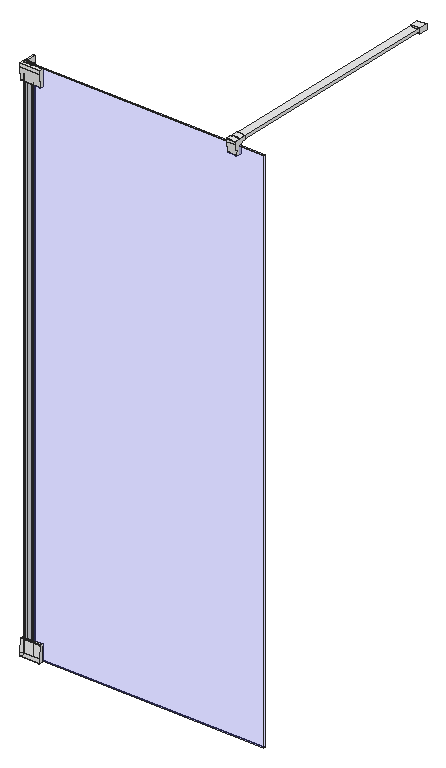
Revit family "CAT4", category Plumbing Fixtures, Revit 2019
Family settings
  Round Connector Dimension = Use Diameter
  Part Type = Normal
  Work Plane-Based = No
  Always vertical = Yes
  Cut with Voids When Loaded = No
  Shared = No
  Room Calculation Point = No
Parameters (values of type "900")
  Seal = Seal
  Glass = Glass
  Chrome = Chrome - Polished
  Aluminium = Aluminum
  A = 900 mm
  URL = "http://www.sanswiss.com/"
  Type Comments = "CADURA"
  Model = "CAT4"
  Manufacturer = "SanSwiss"
Types (9, lengths in mm): name | A
  (no name) | 900
  900 | 900
  1000 | 1000
  700 | 700
  800 | 800
  1100 | 1100
  1200 | 1200
  1300 | 1300
  1400 | 1400
Reference planes
  plane 1 "Center (Front/Back)": y = 0
  plane 2: z = 30
  plane 3 "Center (Left/Right)": x = 0
  plane 4: y = 900
  plane 5: x = -900
  plane 6: y = 882.3
  plane 7: x = -882.3
Forms (mm)
  Extrusion 1, solid, material "Glass" <- "Glass"
    sketch origin (127.4, 0, 30) x (-1, 0, 0) y (0, -1, 0)
      loop
        line (127.4, -31.672) -> (1009.7, -31.672) -> (1009.7, -25.672) -> (127.4, -25.672) -> (127.4, -31.672)
    from 0 to 1984
  Sweep 2, solid, material "Seal" <- "Seal"
    path origin (0, 0, 0) x (-1, 0, 0) y (0, 0, -1)
      loop
        line (900, -30) -> (900, -2014)
    profile origin (-900, 0, 1022) x (-1, 0, 0) y (0, -1, 0)
      loop
        line (-33.108, -35.479) -> (-33.338, -34.172) -> (-31.549, -34.172)
        arc (-31.549, -34.172) -> (-31.404, -34.672) -> (-31.017, -35.018) r 0.944
        arc (-31.017, -35.018) -> (-29.182, -33.262) -> (-28.078, -30.973) r 7.136
        arc (-28.078, -30.973) -> (-28.377, -30.57) -> (-28.837, -30.77) r 0.403
        arc (-28.837, -30.77) -> (-29.74, -31.722) -> (-31.005, -32.072) r 2.455
        line (-31.005, -32.072) -> (-32.057, -32.072)
        arc (-32.057, -32.072) -> (-33.398, -31.666) -> (-34.289, -30.583) r 2.417
        arc (-34.289, -30.583) -> (-34.688, -30.183) -> (-35.088, -30.583) r 0.4
        line (-35.088, -30.583) -> (-34.319, -34.946)
        arc (-34.319, -34.946) -> (-33.886, -35.604) -> (-33.108, -35.479) r 0.725
  Sweep 3, solid
    path origin (0, 0, 0) x (1, 0, 0) y (0, 0, 1)
      loop
        line (-900, 2014) -> (-900, 30)
    profile origin (-900, 0, 1022) x (0, -1, 0) y (1, 0, 0)
      loop
        arc (-36.872, 2.301) -> (-35.245, 1.696) -> (-34.873, 0) r 1.812
        line (-34.873, 0) -> (-33.872, 0) -> (-33.872, 1.3)
        arc (-33.872, 1.3) -> (-34.197, 2.541) -> (-35.088, 3.465) r 2.535
        arc (-35.088, 3.465) -> (-35.506, 3.882) -> (-35.088, 4.3) r 0.418
        line (-35.088, 4.3) -> (-26.057, 4.3)
        arc (-26.057, 4.3) -> (-25.653, 3.896) -> (-26.057, 3.492) r 0.404
        arc (-26.057, 3.492) -> (-26.942, 2.549) -> (-27.272, 1.299) r 2.635
        line (-27.272, 1.299) -> (-27.272, 0) -> (-26.286, 0)
        arc (-26.286, 0) -> (-25.876, 1.677) -> (-24.272, 2.317) r 1.886
        line (-24.272, 2.317) -> (-24.272, 35.3)
        arc (-24.272, 35.3) -> (-24.782, 36.15) -> (-25.772, 36.1) r 0.963
        line (-25.772, 36.1) -> (-25.772, 5.8) -> (-29.998, 5.8)
        arc (-29.998, 5.8) -> (-30.572, 5.489) -> (-31.147, 5.8) r 0.686
        line (-31.147, 5.8) -> (-35.372, 5.8) -> (-35.372, 31.6) -> (-34.172, 31.6) -> (-34.172, 33.3) -> (-35.872, 33.3)
        arc (-35.872, 33.3) -> (-36.579, 33.007) -> (-36.872, 32.3) r 1
        line (-36.872, 32.3) -> (-36.872, 2.301)
Dimensions and locks
  "A": plane 3 "Center (Left/Right)" to plane 5
  locked: plane 4 to plane 6 at 17.7
  locked: plane 4 to plane 1 "Center (Front/Back)" at 900
  locked: plane 5 to plane 7 at 17.7
  aligned and locked: level to plane 2
  aligned and locked: plane 7 to Extrusion 1
  aligned and locked: plane 5 to nested 2
  aligned and locked: nested 3 to plane 5
  aligned and locked: plane 3 "Center (Left/Right)" to Extrusion 1
Automatic sketch dimensions
  Extrusion 1 sketch curve to plane 7 = 0 mm
  Extrusion 1 sketch curve to plane 3 "Center (Left/Right)" = 0 mm
  Extrusion 1 sketch curve to plane 1 "Center (Front/Back)" = 31.672 mm
  Extrusion 1 sketch curve to Extrusion 1 sketch curve = 6 mm
  plane 5 to Sweep 2 sketch curve = 0 mm
  Sweep 2 sketch curve to level = 0 mm
  level to Sweep 2 sketch curve = 1984 mm
  profile plane to Sweep 2 sketch curve = 35.088 mm
  Sweep 2 sketch curve to Sweep 2 sketch curve = 0.134 mm
  Sweep 2 sketch curve to Sweep 2 sketch curve = 0.4 mm
  Sweep 2 sketch curve to Sweep 2 sketch curve = 0.695 mm
  Sweep 2 sketch curve to Sweep 2 sketch curve = 0.255 mm
  Sweep 2 sketch curve to Sweep 2 sketch curve = 2.232 mm
  Sweep 2 sketch curve to Sweep 2 sketch curve = 1.789 mm
  Sweep 2 sketch curve to Sweep 2 sketch curve = 1.052 mm
  Sweep 2 sketch curve to Sweep 2 sketch curve = 0.944 mm
  Sweep 2 sketch curve to Sweep 2 sketch curve = 2.524 mm
  Sweep 2 sketch curve to profile plane = 34.94 mm
  Sweep 2 sketch curve to Sweep 2 sketch curve = 0.768 mm
  Sweep 2 sketch curve to Sweep 2 sketch curve = 0.004 mm
  Sweep 2 sketch curve to Sweep 2 sketch curve = 2.096 mm
  Sweep 2 sketch curve to Sweep 2 sketch curve = 1.113 mm
  Sweep 2 sketch curve to Sweep 2 sketch curve = 1.489 mm
  Sweep 2 sketch curve to Sweep 2 sketch curve = 0.038 mm
  Sweep 2 sketch curve to Sweep 2 sketch curve = 1.516 mm
  Sweep 2 sketch curve to Sweep 2 sketch curve = 0.725 mm
  Sweep 2 sketch curve to Sweep 2 sketch curve = 0.486 mm
  Sweep 2 sketch curve to Sweep 2 sketch curve = 0.412 mm
  Sweep 2 sketch curve to Sweep 2 sketch curve = 0 mm
  Sweep 2 sketch curve to Sweep 2 sketch curve = 0.006 mm
  plane 5 to Sweep 3 sketch curve = 0 mm
  Sweep 3 sketch curve to level = 0 mm
  level to Sweep 3 sketch curve = 1984 mm
  Sweep 3 sketch curve to profile plane = 0 mm  (x2)
  Sweep 3 sketch curve to profile plane = 2.301 mm
  Sweep 3 sketch curve to plane 1 "Center (Front/Back)" = 36.872 mm
  Sweep 3 sketch curve to profile plane = 0.507 mm
  Sweep 3 sketch curve to Sweep 3 sketch curve = 0.26 mm
  Sweep 3 sketch curve to Sweep 3 sketch curve = 0.205 mm
  Sweep 3 sketch curve to Sweep 3 sketch curve = 1 mm  (x2)
  Sweep 3 sketch curve to Sweep 3 sketch curve = 0.5 mm
  Sweep 3 sketch curve to Sweep 3 sketch curve = 0.285 mm
  Sweep 3 sketch curve to Sweep 3 sketch curve = 1.7 mm
  Sweep 3 sketch curve to Sweep 3 sketch curve = 3.941 mm
  Sweep 3 sketch curve to Sweep 3 sketch curve = 0.574 mm  (x2)
  Sweep 3 sketch curve to profile plane = 1.299 mm
  Sweep 3 sketch curve to Sweep 3 sketch curve = 2.726 mm
  Sweep 3 sketch curve to Sweep 3 sketch curve = 0.986 mm
  Sweep 3 sketch curve to Sweep 3 sketch curve = 1.215 mm
  Sweep 3 sketch curve to Sweep 3 sketch curve = 8.4 mm
  Sweep 3 sketch curve to Sweep 3 sketch curve = 0.537 mm
  Sweep 3 sketch curve to Sweep 3 sketch curve = 1.649 mm
  Sweep 3 sketch curve to Sweep 3 sketch curve = 0.185 mm
  Sweep 3 sketch curve to Sweep 3 sketch curve = 0.365 mm
  Sweep 3 sketch curve to profile plane = 0.439 mm
  Sweep 3 sketch curve to Sweep 3 sketch curve = 0.832 mm
  Sweep 3 sketch curve to Sweep 3 sketch curve = 0.793 mm
  Sweep 3 sketch curve to Sweep 3 sketch curve = 0.418 mm
  Sweep 3 sketch curve to Sweep 3 sketch curve = 1.5 mm
  Sweep 3 sketch curve to Sweep 3 sketch curve = 0.375 mm
  Sweep 3 sketch curve to Sweep 3 sketch curve = 25.425 mm
  Sweep 3 sketch curve to Sweep 3 sketch curve = 0.7 mm
  Sweep 3 sketch curve to Sweep 3 sketch curve = 2 mm
Nested families
  nested 1: "stabiliser" at (-132.35, 2.972, 30) x (-1, 0, 0) z (0, 0, 1), type "stabiliser"
    with length 900 mm
  nested 2: "bottom HINGE" at (-825, 10.472, 30), type "bottom HINGE"
  nested 3: "top HINGE" at (-900, 10.472, 1955), type "top HINGE"
Definition of nested family "stabiliser"
  Parameters (values of type "stabiliser")
    Chrome = none
    Aluminium = none
    length [instance] = 900 mm
    URL = "http://www.sanswiss.com/"
    Type Comments = ""
    Model = ""
    Manufacturer = "SanSwiss"
  Reference planes
    plane 1 "Center (Front/Back)": y = 0
    plane 2: z = 0
    plane 3 "Center (Left/Right)": x = 0
    plane 4 "Back": y = 900
    plane 5 "Left": x = -1200
    plane 6 "glass left": x = -1140.7
    plane 7 "glass right": x = -28.7
    plane 8 "bar front": y = 56.3
    plane 9 "bar back": y = 869
  Forms (mm)
    Sweep 1, solid, material <- "Chrome"
      path origin (900, 0, -11.5) x (0, 1, 0) y (0, 0, 1)
        loop
          line (900, 2016.65) -> (900, 1999.15)
      profile origin (900, 900, 1996.4) x (1, 0, 0) y (0, 1, 0)
        loop
          line (-937.75, 0) -> (-937.75, -31) -> (-901.75, -31) -> (-901.75, 0) -> (-937.75, 0)
    Sweep 2, solid, material <- "Aluminium"
      path origin (900, 0, -11.5) x (0, 1, 0) y (0, 0, 1)
        loop
          line (54.7, 2017) -> (869, 2017)
      profile origin (900, 461.85, 2005.5) x (0, 0, 1) y (1, 0, 0)
        loop
          line (-5.35, -904.35) -> (-15.35, -904.35) -> (-15.35, -934.35) -> (-5.35, -934.35) -> (-5.35, -904.35)
    Sweep 3, solid, material <- "Chrome"
      path origin (0, 0, 1950) x (-1, 0, 0) y (0, -1, 0)
        loop
          line (36.35, -34.3) -> (2.35, -34.3)
      profile origin (-19.35, 34.3, 1950) x (0, 1, 0) y (0, 0, 1)
        loop
          line (2.4, 38.15) -> (20.4, 38.15) -> (20.4, 50.677) -> (-24.1, 50.677) -> (-24.1, 40.15) -> (-20.232, 3.352)
          arc (-20.232, 3.352) -> (-20.103, 2.92) -> (-19.741, 2.65) r 0.718
          line (-19.741, 2.65) -> (-12.1, 2.65) -> (-12.1, 34) -> (-4.6, 34) -> (-4.6, 2.65) -> (-1.6, 2.65)
          arc (-1.6, 2.65) -> (-0.186, 3.236) -> (0.4, 4.65) r 2
          line (0.4, 4.65) -> (0.4, 36.15)
          arc (0.4, 36.15) -> (0.986, 37.564) -> (2.4, 38.15) r 2
    Sweep 4, solid, material <- "Chrome"
      path origin (0, -1.6, 1938.5) x (-1, 0, 0) y (0, -1, 0)
        loop
          line (0, -31.3) -> (0, -56.3)
      profile origin (0, 42.2, 1938.5) x (-1, 0, 0) y (0, 0, 1)
        loop
          line (2.35, 62.177) -> (36.35, 62.177)
          arc (36.35, 62.177) -> (35.943, 63.378) -> (34.89, 64.086) r 1.979
          arc (34.89, 64.086) -> (19.366, 66.159) -> (3.841, 64.086) r 59.17
          arc (3.841, 64.086) -> (2.756, 63.397) -> (2.35, 62.177) r 1.918
    SweptBlend 5, solid, material <- "Chrome"
      path origin (0, -1.6, 1938.5) x (-1, 0, 0) y (0, -1, 0)
        loop
          line (0, -11.8) -> (0, -31.3)
      profile origin (0, 10.2, 1938.5) x (-1, 0, 0) y (0, 0, 1)
        loop
          arc (36.35, 62.177) -> (35.594, 63.222) -> (34.381, 63.66) r 2.19
          line (34.381, 63.66) -> (4.329, 63.66)
          arc (4.329, 63.66) -> (3.092, 63.248) -> (2.35, 62.177) r 2.062
          line (2.35, 62.177) -> (36.35, 62.177)
      end profile origin (0, 29.7, 1938.5) x (-1, 0, 0) y (0, 0, 1)
        loop
          arc (3.841, 64.086) -> (2.756, 63.397) -> (2.35, 62.177) r 1.918
          line (2.35, 62.177) -> (36.35, 62.177)
          arc (36.35, 62.177) -> (35.943, 63.378) -> (34.89, 64.086) r 1.979
          arc (34.89, 64.086) -> (19.366, 66.159) -> (3.841, 64.086) r 59.17
  Dimensions and locks
    "length": plane 4 "Back" to plane 1 "Center (Front/Back)"
    locked: plane 5 "Left" to plane 6 "glass left" at 59.3
    locked: plane 4 "Back" to plane 9 "bar back" at 31
    locked: plane 1 "Center (Front/Back)" to plane 8 "bar front" at 56.3
    aligned and locked: level to plane 2
  Automatic sketch dimensions
    Sweep 1 sketch curve to plane 4 "Back" = 0 mm
    level to Sweep 1 sketch curve = 1987.65 mm
    Sweep 1 sketch curve to Sweep 1 sketch curve = 17.5 mm
    profile plane to Sweep 1 sketch curve = 0 mm
    profile plane to Sweep 1 sketch curve = 31 mm
    Sweep 1 sketch curve to profile plane = 937.75 mm
    Sweep 1 sketch curve to Sweep 1 sketch curve = 36 mm
    Sweep 2 sketch curve to plane 9 "bar back" = 0 mm
    level to Sweep 2 sketch curve = 2005.5 mm
    Sweep 2 sketch curve to plane 8 "bar front" = 1.6 mm
    profile plane to Sweep 2 sketch curve = 15.35 mm
    profile plane to Sweep 2 sketch curve = 5.35 mm
    Sweep 2 sketch curve to profile plane = 934.35 mm
    Sweep 2 sketch curve to Sweep 2 sketch curve = 30 mm
    Sweep 3 sketch curve to plane 3 "Center (Left/Right)" = 2.35 mm
    Sweep 3 sketch curve to plane 8 "bar front" = 22 mm
    Sweep 3 sketch curve to plane 7 "glass right" = 7.65 mm
    Sweep 4 sketch curve to plane 3 "Center (Left/Right)" = 0 mm
    Sweep 4 sketch curve to plane 8 "bar front" = 1.6 mm
    Sweep 4 sketch curve to plane 8 "bar front" = 26.6 mm
    SweptBlend 5 sketch curve to plane 3 "Center (Left/Right)" = 0 mm
    SweptBlend 5 sketch curve to plane 8 "bar front" = 26.6 mm
    SweptBlend 5 sketch curve to plane 1 "Center (Front/Back)" = 10.2 mm
    SweptBlend 5 sketch curve to profile plane = 2.35 mm  (x2)
    SweptBlend 5 sketch curve to SweptBlend 5 sketch curve = 1.918 mm
    profile plane to SweptBlend 5 sketch curve = 6.989 mm
    SweptBlend 5 sketch curve to profile plane = 19.366 mm
    SweptBlend 5 sketch curve to SweptBlend 5 sketch curve = 30.103 mm
    SweptBlend 5 sketch curve to SweptBlend 5 sketch curve = 1.979 mm  (x2)
    SweptBlend 5 sketch curve to SweptBlend 5 sketch curve = 55.187 mm
    SweptBlend 5 sketch curve to SweptBlend 5 sketch curve = 0.001 mm
    SweptBlend 5 sketch curve to SweptBlend 5 sketch curve = 0.039 mm
    SweptBlend 5 sketch curve to SweptBlend 5 sketch curve = 0.426 mm
    SweptBlend 5 sketch curve to SweptBlend 5 sketch curve = 29.947 mm
    SweptBlend 5 sketch curve to SweptBlend 5 sketch curve = 0.105 mm
    SweptBlend 5 sketch curve to SweptBlend 5 sketch curve = 2.074 mm
    profile plane to SweptBlend 5 sketch curve = 61.473 mm
    SweptBlend 5 sketch curve to SweptBlend 5 sketch curve = 0.125 mm
    Sweep 4 sketch curve to profile plane = 2.35 mm
    Sweep 4 sketch curve to Sweep 4 sketch curve = 1.918 mm
    profile plane to Sweep 4 sketch curve = 6.989 mm
    Sweep 4 sketch curve to profile plane = 19.366 mm
    Sweep 4 sketch curve to Sweep 4 sketch curve = 1.979 mm
    Sweep 4 sketch curve to Sweep 4 sketch curve = 0.001 mm
    Sweep 4 sketch curve to Sweep 4 sketch curve = 0.039 mm
    Sweep 4 sketch curve to Sweep 4 sketch curve = 0.426 mm
    Sweep 4 sketch curve to Sweep 4 sketch curve = 0.519 mm
    Sweep 4 sketch curve to Sweep 4 sketch curve = 0 mm
    profile plane to Sweep 3 sketch curve = 24.1 mm
    profile plane to Sweep 3 sketch curve = 3.352 mm
    profile plane to Sweep 3 sketch curve = 20.232 mm
    Sweep 3 sketch curve to Sweep 3 sketch curve = 0.491 mm
    Sweep 3 sketch curve to Sweep 3 sketch curve = 0.226 mm
    profile plane to Sweep 3 sketch curve = 2.65 mm  (x2)
    Sweep 3 sketch curve to Sweep 3 sketch curve = 7.415 mm
    profile plane to Sweep 3 sketch curve = 4.6 mm
    profile plane to Sweep 3 sketch curve = 1.6 mm
    Sweep 3 sketch curve to profile plane = 0.4 mm
    Sweep 3 sketch curve to Sweep 3 sketch curve = 2 mm
    Sweep 3 sketch curve to Sweep 3 sketch curve = 18 mm
    Sweep 3 sketch curve to Sweep 3 sketch curve = 30.669 mm
    Sweep 3 sketch curve to Sweep 3 sketch curve = 2.15 mm
    Sweep 3 sketch curve to Sweep 3 sketch curve = 6.15 mm
    Sweep 3 sketch curve to Sweep 3 sketch curve = 12.527 mm
Definition of nested family "bottom HINGE"
  Parameters (values of type "bottom HINGE")
    Chrome = none
  Reference planes
    plane 1 "Center (Front/Back)": y = 0
    plane 2: z = 0
    plane 3 "Center (Left/Right)": x = 0
    plane 4: z = 10.5
    plane 5 "oś": z = 29.948
  Forms (mm)
    Extrusion 1, solid, material <- "Chrome"
      sketch origin (0, 0, 0) x (0, 1, 0) y (0, 0, 1)
        loop
          line (60.435, 59) -> (26.4, 59) -> (26.4, 0) -> (60.448, 0)
          arc (60.448, 0) -> (61.121, 0.279) -> (61.4, 0.952) r 0.952
          line (61.4, 0.952) -> (61.4, 58.035)
          arc (61.4, 58.035) -> (61.117, 58.717) -> (60.435, 59) r 0.965
      from -75 to -67.963
    Extrusion 2, void
      sketch origin (0, 0, 0) x (0, 1, 0) y (0, 0, 1)
        loop
          line (59.9, 57.5) -> (25.617, 57.5) -> (25.617, 1.5) -> (59.9, 1.5) -> (59.9, 57.5)
      from -78.796 to -69
    Extrusion 3, solid, material <- "Chrome"
      sketch origin (0, 0, 0) x (0, 1, 0) y (0, 0, 1)
        loop
          arc (5.478, 59) -> (4.845, 58.738) -> (4.583, 58.105) r 0.895
          line (4.583, 58.105) -> (0, 14.5) -> (0, 1)
          arc (0, 1) -> (0.293, 0.293) -> (1, 0) r 1
          line (1, 0) -> (13.5, 0) -> (13.5, 4.8) -> (53.6, 4.8) -> (53.6, 54.2) -> (13.5, 54.2) -> (13.5, 59) -> (5.478, 59)
      from -75 to -1
    Extrusion 4, void
      sketch origin (0, 0, 0) x (1, 0, 0) y (0, 1, 0)
        loop
          line (-71, 13.5) -> (14, 13.5) -> (14, 63.5) -> (-71, 63.5) -> (-71, 13.5)
      from 0 to 250
    Extrusion 5, solid, material <- "Chrome"
      sketch origin (0, 0, 0) x (1, 0, 0) y (0, 0, 1)
        loop
          line (-37.7, 1) -> (-1, 1) -> (-1, 58) -> (-37.7, 58) -> (-37.7, 1)
      from -15.2 to -13.5
    Revolve 6, solid, material <- "Chrome"
      sketch origin (0.203, -0.01, 29.948) x (1, 0, 0) y (0, 1, 0)
        loop
          line (-19.35, 15.2) -> (-16.252, 15.2) -> (-15.771, 15.886) -> (-11.009, 15.886) -> (-11.009, 16.695) -> (-6.504, 21.2) -> (-19.35, 21.2) -> (-19.35, 15.2)
        axis (-19.35, 15.2) -> (-19.35, 21.2)
      angle from 0 to 360
  Cuts and joins
    Extrusion 2 cuts Extrusion 1
    Extrusion 4 cuts Extrusion 3
  Dimensions and locks
    aligned and locked: level to plane 2
Definition of nested family "top HINGE"
  Parameters (values of type "top HINGE")
    Chrome = none
  Reference planes
    plane 1 "Center (Front/Back)": y = 0
    plane 2: z = 0
    plane 3 "Center (Left/Right)": x = 0
    plane 4 "oś": z = 29.466
  Forms (mm)
    Extrusion 1, solid, material <- "Chrome"
      sketch origin (0, 0, 0) x (0, 1, 0) y (0, 0, 1)
        loop
          line (60.319, 59) -> (26.4, 59) -> (26.4, 0) -> (60.455, 0)
          arc (60.455, 0) -> (61.123, 0.277) -> (61.4, 0.945) r 0.945
          line (61.4, 0.945) -> (61.4, 57.919)
          arc (61.4, 57.919) -> (61.084, 58.684) -> (60.319, 59) r 1.081
      from 0 to 7
    Extrusion 2, void
      sketch origin (0, 0, 0) x (0, 1, 0) y (0, 0, 1)
        loop
          line (59.9, 57.5) -> (26.4, 57.5) -> (26.4, 1.5) -> (59.9, 1.5) -> (59.9, 57.5)
      from 0 to 5.5
    Extrusion 3, solid, material <- "Chrome"
      sketch origin (0, 0, 0) x (0, 1, 0) y (0, 0, 1)
        loop
          line (0, 44.5) -> (4.571, 1.006)
          arc (4.571, 1.006) -> (4.866, 0.295) -> (5.578, 0) r 1.006
          line (5.578, 0) -> (13.5, 0) -> (13.5, 4.8) -> (53.6, 4.8) -> (53.6, 54.2) -> (13.5, 54.2) -> (13.5, 59) -> (0, 59) -> (0, 44.5)
      from 0 to 75
    Extrusion 4, void
      sketch origin (0, 0, 0) x (1, 0, 0) y (0, 1, 0)
        loop
          line (4, 13.5) -> (82.148, 13.5) -> (82.148, 53.6) -> (4, 53.6) -> (4, 13.5)
      from 0 to 250
    Extrusion 5, solid, material <- "Chrome"
      sketch origin (0, 0, 0) x (1, 0, 0) y (0, 0, 1)
        loop
          line (37.3, 1) -> (74, 1) -> (74, 58) -> (37.3, 58) -> (37.3, 1)
      from -15.2 to -13.5
    Revolve 6, solid, material <- "Chrome"
      sketch origin (0, 0, 29.466) x (0, 1, 0) y (-1, 0, 0)
        loop
          line (15.2, -55.65) -> (15.2, -58.714) -> (15.886, -59.4) -> (15.886, -64) -> (16.671, -64) -> (21.2, -68.529) -> (21.2, -55.65) -> (15.2, -55.65)
        axis (15.2, -55.65) -> (21.2, -55.65)
      angle from 0 to 360
  Cuts and joins
    Extrusion 2 cuts Extrusion 1
    Extrusion 4 cuts Extrusion 3
  Dimensions and locks
    aligned and locked: level to plane 2
